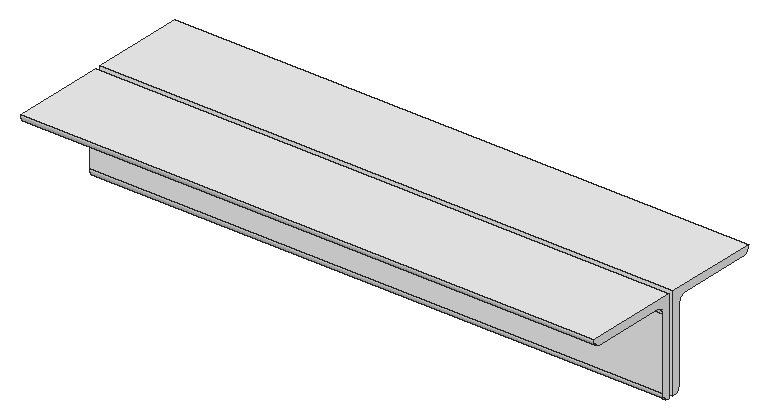
Revit family
Parameters (values of type "2L200x16x12")
  Start Extension Calculation [instance] = 3012.5 mm + Start Extension  # 3000 mm
  Start Extension [instance] = -12.5 mm
  End Extension Calculation [instance] = 3012.5 mm + End Extension  # 3000 mm
  End Extension [instance] = -12.5 mm
  Beam Material [instance] = Metal - Steel - 345 MPa
  A = 0.012 m²
  Legs = "Equal"
  Length [instance] = 1500 mm
  W = 0.95125
  Space = 12 mm
  b = 200 mm
  d = 200 mm
  t = 16 mm
  y = 55 mm
Reference planes
  plane 1 "Center (Front/Back)": y = 0
  plane 2: z = 0
  plane 3 "Center (Left/Right)": x = 4.61
  plane 4 "Member Left": x = -604.99
  plane 5 "Member Right": x = 614.21
  plane 6: y = 206
  plane 7: y = -206
  plane 8 "Top": z = 55
  plane 9: z = -145
  plane 10: y = 6
  plane 11: y = -6
  plane 12 "Left": x = -757.39
  plane 13 "Right": x = 742.61
  plane 14: x = -604.99
  plane 15: x = 614.21
  plane 16: x = 2395.01
  plane 17: x = -2385.79
Forms (mm)
  Sweep 1, solid, material "Metal - Steel - 345 MPa" <- "Beam Material", detail levels fine
    path origin (0, 0, 0) x (1, 0, 0) y (0, 1, 0)
      loop
        line (614.21, 0) -> (-604.99, 0)
    profile "M_2L-Angle-Profile-Fine : M_2L-Angle-Profile-Fine" origin (4.61, 0, 0) x (0, -1, 0) y (0, 0, 1)
      loop
        arc (6, -145) -> (17.314, -140.314) -> (22, -129) r 16
        line (22, -129) -> (22, 23)
        arc (22, 23) -> (26.686, 34.314) -> (38, 39) r 16
        line (38, 39) -> (190, 39)
        arc (190, 39) -> (201.314, 43.686) -> (206, 55) r 16
        line (206, 55) -> (6, 55) -> (6, -145)
  Sweep 2, solid, material "Metal - Steel - 345 MPa" <- "Beam Material", detail levels fine
    path origin (0, 0, 0) x (1, 0, 0) y (0, 1, 0)
      loop
        line (614.21, 0) -> (-604.99, 0)
    profile "M_2L-Angle-Profile-Fine : M_2L-Angle-Profile-Fine" origin (4.61, 0, 0) x (0, -1, 0) y (0, 0, 1)
      loop
        line (-6, -145) -> (-6, 55) -> (-206, 55)
        arc (-206, 55) -> (-201.314, 43.686) -> (-190, 39) r 16
        line (-190, 39) -> (-38, 39)
        arc (-38, 39) -> (-26.686, 34.314) -> (-22, 23) r 16
        line (-22, 23) -> (-22, -129)
        arc (-22, -129) -> (-17.314, -140.314) -> (-6, -145) r 16
  Sweep 3, solid, material "Metal - Steel - 345 MPa" <- "Beam Material", detail levels medium
    path origin (0, 0, 0) x (1, 0, 0) y (0, 1, 0)
      loop
        line (614.21, 0) -> (-604.99, 0)
    profile "M_2L-Angle-Profile-Medium : M_2L-Angle-Profile-Medium" origin (4.61, 0, 0) x (0, -1, 0) y (0, 0, 1)
      loop
        line (6, -145) -> (22, -145) -> (22, 39) -> (206, 39) -> (206, 55) -> (6, 55) -> (6, -145)
  Sweep 4, solid, material "Metal - Steel - 345 MPa" <- "Beam Material", detail levels medium
    path origin (0, 0, 0) x (1, 0, 0) y (0, 1, 0)
      loop
        line (614.21, 0) -> (-604.99, 0)
    profile "M_2L-Angle-Profile-Medium : M_2L-Angle-Profile-Medium" origin (4.61, 0, 0) x (0, -1, 0) y (0, 0, 1)
      loop
        line (-6, -145) -> (-6, 55) -> (-206, 55) -> (-206, 39) -> (-22, 39) -> (-22, -145) -> (-6, -145)
Lines and regions (mm)
  symbolic lines, style "Hidden Faces", detail levels medium+fine
    curve 1: line (-604.99, 19, 0) -> (614.21, 19, 0)
    curve 2: line (-604.99, -19, 0) -> (614.21, -19, 0)
  symbolic lines, style "Stick Symbols", detail levels coarse
    curve 3: line (4.61, 206, 55) -> (4.61, 6, 55)
    curve 4: line (4.61, -6, 55) -> (4.61, -206, 55)
    curve 5: line (4.61, -6, -145) -> (4.61, -6, 55)
    curve 6: line (4.61, 6, 55) -> (4.61, 6, -145)
Dimensions and locks
  "d": plane 9 to plane 8 "Top"
  "y": plane 8 "Top" to plane 2
  equal spacing: plane 10, plane 1 "Center (Front/Back)", plane 11
  "b": plane 11 to plane 7
  "b": plane 6 to plane 10
  "Space": plane 10 to plane 11
  "Length": plane 12 "Left" to plane 13 "Right"
  locked: plane 4 "Member Left" to plane 16 at 3000
  locked: plane 17 to plane 5 "Member Right" at 3000
  "End Extension Calculation": plane 17 to plane 15
  "Start Extension Calculation": plane 14 to plane 16
  aligned and locked: Sweep 1 sketch curve to plane 1 "Center (Front/Back)"
  aligned and locked: Sweep 2 sketch curve to plane 1 "Center (Front/Back)"
  aligned and locked: Sweep 3 sketch curve to plane 1 "Center (Front/Back)"
  aligned and locked: Sweep 4 sketch curve to plane 1 "Center (Front/Back)"
  aligned and locked: Sweep 4 to curve 3
  aligned and locked: curve 4 to Sweep 3
  aligned and locked: Sweep 3 to curve 5
  aligned and locked: curve 6 to Sweep 4
  aligned and locked: curve 3 to Sweep 4
  aligned and locked: Sweep 3 to curve 4
  aligned and locked: curve 5 to Sweep 3
  aligned and locked: Sweep 4 to curve 6
  aligned and locked: plane 14 to Sweep 4 sketch curve
  aligned and locked: plane 15 to Sweep 4 sketch curve
  aligned and locked: plane 14 to Sweep 2 sketch curve
  aligned and locked: plane 15 to Sweep 2 sketch curve
  aligned and locked: plane 14 to Sweep 3 sketch curve
  aligned and locked: plane 15 to Sweep 3 sketch curve
  aligned and locked: plane 14 to Sweep 1 sketch curve
  aligned and locked: plane 15 to Sweep 1 sketch curve
  aligned and locked: plane 14 to curve 2
  aligned and locked: plane 14 to curve 1
  aligned and locked: plane 15 to curve 1
  aligned and locked: plane 15 to curve 2
Automatic sketch dimensions
  curve 2 to plane 11 = 13 mm
  plane 10 to curve 1 = 13 mm
